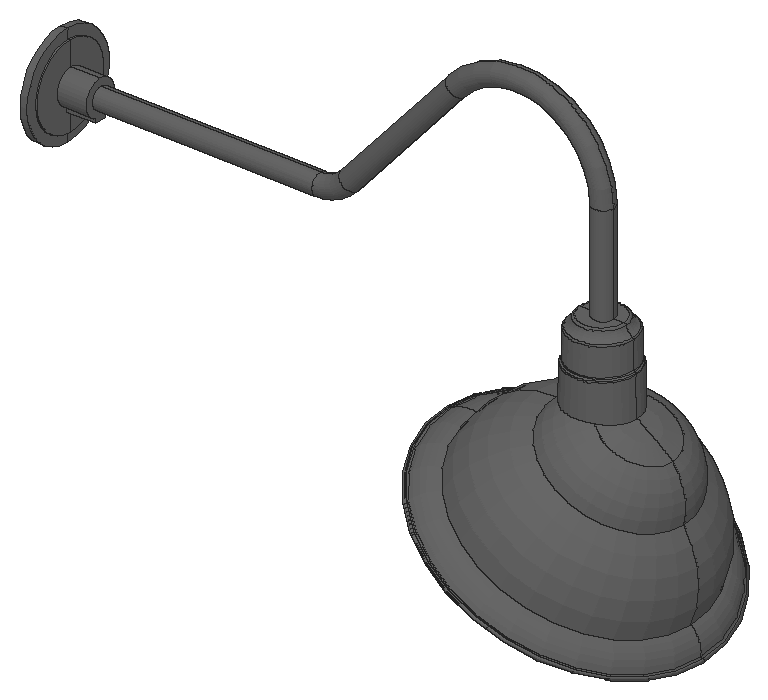
Revit family "Emblem_MB", category Lighting Fixtures, Revit 2020
Family settings
  Round Connector Dimension = Use Diameter
  Part Type = Normal
  OmniClass Number = 23.80.70.00
  OmniClass Title = Lighting
  Work Plane-Based = No
  Always vertical = Yes
  Cut with Voids When Loaded = No
  Light Source = Yes
  Shared = No
  Room Calculation Point = No
Parameters (values of type "M714")
  Weight = "1.5 lb"
  Wattage Comments = "200W"
  Wattage = 1.6 W
  Warranty = "5 year limited warranty"  # constant formula
  built-in parameter 1150110 = 1 (stored number, unit not read)
  Voltage = 277 V
  URL = "https://www.anplighting.com/assets/Uploads/product-attachments/specification-sheets/ANP-Specification-Sheet-RLM-MB-M714.pdf"
  built-in parameter 1114217 = 1 (stored number, unit not read)
  Tilt Angle = 90.00°
  built-in parameter 1150109 = 1 (stored number, unit not read)
  built-in parameter 1150134 = 12
  built-in parameter 1150113 = 1 (stored number, unit not read)
  Mounting Option [instance] = 2
  Power Factor = 1
  Post Mount [instance] = Mounting Option = 5  # no
  Placement X axis side [instance] = if(Post Mount, 2' 2 15/32", if(Cord or Stem Mount, 0' 0", if(E36 20 inch, 1' 8 1/4", if(E 6 26 inch, 2' 2", if(E7 41 inch, 3' 5 1/4", 0' 1")))))  # 2' - 2"
  Photometric Web File = "M714M016LDNW40K.ies"
  Model = "M714"
  Manufacturer = "ANP Lighting"  # constant formula
  M714 = yes
  M712 = no
  M710 = no
  M707 = no
  built-in parameter 1150105 = 159.15 (stored number, unit not read)
  Lumens = 2000 lm
  built-in parameter 1150115 = 1 (stored number, unit not read)
  Load Classification = Lighting
  Light Source Height [instance] = 0' - 0 1/2"  # constant formula
  built-in parameter 1150137 = (empty or 0)
  built-in parameter 1150139 = (empty or 0)
  Light Elevation_3 [instance] = 0' - 3"  # constant formula
  Light Elevation _2 [instance] = if(M707, 0' 8 157/256", if(M710, 0' 11 1/256", if(M712, 1' 0 45/256", if(M714, 1' 1 11/64", 0' 0"))))  # 1' - 1 11/64"
  Light Elevation _1 [instance] = if(Post Mount, 0' 0", if(E7 41 inch, 0' 0", if(E36 20 inch, 0' 1", if(E 6 26 inch, 0' 0.87402", if(Cord or Stem Mount, (0' 3.66142" + Cord Length), 0' 0")))))  # 0' - 0.87402"
  Light Elevation [instance] = if(Post Mount, 14' 0.5315", if(E7 41 inch, 0' 0", 0' 0"))  # 0' - 0"
  Life = "L70 50,000 hours"  # constant formula
  built-in parameter 1150112 = 1 (stored number, unit not read)
  built-in parameter 1150114 = 1 (stored number, unit not read)
  Lamp = "200w Max Medium Base"
  Inside body material = none
  built-in parameter 1150132 = 2
  built-in parameter 1150102 = (empty or 0)
  built-in parameter 1150107 = 4000 (stored number, unit not read)
  built-in parameter 1150138 = (empty or 0)
  built-in parameter 1150106 = 1.5915 (stored number, unit not read)
  Fixture Height = 0' - 9 7/8"
  Fixture Diameter = 1' - 2"
  Efficiency = "65-125 lumens per watt"  # constant formula
  built-in parameter 1150104 = 116.13 (stored number, unit not read)
  E7 41 inch [instance] = Mounting Option = 4  # no
  E36 20 inch [instance] = Mounting Option = 3  # no
  E 6 26 inch [instance] = Mounting Option = 2  # yes
  Dimming Lamp Color Temperature Shift = <None>
  Dimming = "1%"  # constant formula
  Description = "120-277 Voltage"  # constant formula
  Default Elevation = 0' - 0"
  Cord or Stem Mount [instance] = Mounting Option = 1  # no
  Cord Length option [instance] = 10
  Cord Length [instance] = if([2' Cord], 2' 0", if([4' Cord], 4' 0", if([8' Cord], 8' 0", if([10' Cord], 10' 0", if([6' Cord], 6' 0", 6' 0")))))  # 10' - 0"
  Construction Material = "Heavy Duty spun aluminum."  # constant formula
  Color Filter = 16777215
  CRI = ">90"  # constant formula
  Body Material = body
  Body Colour = "Spun aluminium"  # constant formula
  built-in parameter 1114218 = 1 (stored number, unit not read)
  built-in parameter 1150133 = 10 (stored number, unit not read)
  Apparent Load = 200 VA
  8' Cord [instance] = Cord Length option = 8  # no
  6' Cord [instance] = Cord Length option = 6  # no
  4' Cord [instance] = Cord Length option = 4  # no
  2' Cord [instance] = Cord Length option = 2  # no
  10' Cord [instance] = Cord Length option = 10  # yes
Types (5): name | Weight | Wattage Comments | Wattage | URL | Photometric Web File | Model | M714 | M712 | M710 | M707 | built-in parameter 1150105 | Lumens | Light Elevation _2 | Lamp | built-in parameter 1150106 | Fixture Height | Fixture Diameter | Apparent Load
  (no name) | "1.5 lb" | "200W" | 1.6 W | "https://www.anplighting.com/assets/Uploads/product-attachments/specification-sheets/ANP-Specification-Sheet-RLM-MB-M714.pdf" | "M714M016LDNW40K.ies" | "M714" | yes | no | no | no | 159.15 (stored number, unit not read) | 2000 lm | 1' - 1 11/64" | "200w Max Medium Base" | 1.5915 (stored number, unit not read) | 0' - 9 7/8" | 1' - 2" | 200 VA
  M707 | "1.0 lb" | "100W Max" | 0.68 W | "https://www.anplighting.com/assets/Uploads/product-attachments/specification-sheets/ANP-Specification-Sheet-RLM-MB-M707.pdf" | "M707M009LDNW40K.IES" | "M707" | no | no | no | yes | 67.641 (stored number, unit not read) | 850 lm | 0' - 8 157/256" | "100w Max Medium Base" | 0.67641 (stored number, unit not read) | 0' - 6" | 0' - 7" | 100 VA
  M710 | "1.0 lb" | "100W" | 1.6 W | "https://www.anplighting.com/assets/Uploads/product-attachments/specification-sheets/ANP-Specification-Sheet-RLM-MB-M710.pdf" | "M707M009LDNW40K.IES" | "M710" | no | no | yes | no | 159.15 (stored number, unit not read) | 2000 lm | 0' - 11 1/256" | "100w Max Medium Base" | 1.5915 (stored number, unit not read) | 0' - 7 7/8" | 0' - 10 1/8" | 100 VA
  M712 | "1.0 lb" | "200W" | 2.4 W | "https://www.anplighting.com/assets/Uploads/product-attachments/specification-sheets/ANP-Specification-Sheet-RLM-MB-M712.pdf" | "M707M009LDNW40K.IES" | "M712" | no | yes | no | no | 3000 (stored number, unit not read) | 3000 lm | 1' - 0 45/256" | "200w Max Medium Base" | 30 (stored number, unit not read) | 0' - 9 1/4" | 1' - 0" | 200 VA
  M714 | "1.5 lb" | "200W" | 1.6 W | "https://www.anplighting.com/assets/Uploads/product-attachments/specification-sheets/ANP-Specification-Sheet-RLM-MB-M714.pdf" | "M714M016LDNW40K.ies" | "M714" | yes | no | no | no | 159.15 (stored number, unit not read) | 2000 lm | 1' - 1 11/64" | "200w Max Medium Base" | 1.5915 (stored number, unit not read) | 0' - 9 7/8" | 1' - 2" | 200 VA
Reference planes (in)
  plane 1 "Light Source Axis (F/B)": y = 0
  plane 2: z = 0
  plane 3 "Light Source Axis (L/R)": x = 0
  plane 4 "Light Source Elevation": z = 0
  plane 5: z = 0
  plane 6: x = 26
  plane 7 "Bulb Position": z = -11.04589
  plane 8 "Canopy Position": z = -0.87402
  plane 9 "IES": z = -11.54589
  plane 10: z = -14.04589
Dimensions and locks (in)
  "Light Elevation": plane 5 to plane 2
  "Placement X axis side": plane 6 to plane 3 "Light Source Axis (L/R)"
  "Light Elevation _1": plane 5 to plane 8 "Canopy Position"
  "Light Source Height": plane 7 "Bulb Position" to plane 9 "IES"
  locked: plane 4 "Light Source Elevation" to plane 2
  "Light Elevation _2": plane 8 "Canopy Position" to plane 10
  "Light Elevation_3": plane 7 "Bulb Position" to plane 10
  aligned and locked: level to plane 2
  aligned and locked: plane 1 "Light Source Axis (F/B)" to nested 5
  aligned and locked: nested 5 to plane 2
  aligned and locked: nested 1 to plane 3 "Light Source Axis (L/R)"
  aligned and locked: plane 3 "Light Source Axis (L/R)" to nested 2
  aligned and locked: plane 3 "Light Source Axis (L/R)" to nested 4
  aligned and locked: nested 3 to plane 5
  aligned and locked: plane 3 "Light Source Axis (L/R)" to nested 3
  aligned and locked: plane 3 "Light Source Axis (L/R)" to nested 5
  aligned and locked: plane 1 "Light Source Axis (F/B)" to nested 2
  aligned and locked: plane 1 "Light Source Axis (F/B)" to nested 1
  aligned and locked: plane 1 "Light Source Axis (F/B)" to nested 4
  aligned and locked: plane 1 "Light Source Axis (F/B)" to nested 3
  aligned and locked: plane 2 to nested 1
  aligned and locked: plane 2 to nested 2
  aligned and locked: nested 4 to plane 2
  aligned and locked: imposter light to plane 9 "IES"
  aligned and locked: plane 6 to imposter light
  aligned and locked: nested 6 to plane 1 "Light Source Axis (F/B)"
  aligned and locked: nested 7 to plane 1 "Light Source Axis (F/B)"
  aligned and locked: nested 8 to plane 1 "Light Source Axis (F/B)"
  aligned and locked: nested 9 to plane 1 "Light Source Axis (F/B)"
  aligned and locked: nested 6 to plane 6
  aligned and locked: nested 7 to plane 6
  aligned and locked: nested 8 to plane 6
  aligned and locked: nested 9 to plane 6
  aligned and locked: plane 8 "Canopy Position" to nested 6
  aligned and locked: plane 8 "Canopy Position" to nested 9
  aligned and locked: plane 8 "Canopy Position" to nested 8
  aligned and locked: plane 8 "Canopy Position" to nested 7
Nested families (in)
  nested 1: "CORD OR STEM MOUNT" at (0, 0, -123.67), visible <- "Cord or Stem Mount", Cord or Stem Mount <- "Cord or Stem Mount", Body Material <- "Body Material", Light Elevation <- "Light Elevation", Cord Length <- "Cord Length", 10' Cord <- "10' Cord", 2' Cord <- "2' Cord", 4' Cord <- "4' Cord", 6' Cord <- "6' Cord", 8' Cord <- "8' Cord", type "CORD OR STEM MOUNT"
    with Light Elevation 0' - 0", Cord or Stem Mount no, Cord Length 10' - 0", Body Material body, 8' Cord no, 6' Cord no, 4' Cord no, 2' Cord no, 10' Cord yes
  nested 2: "E6 26 INCH" at (26, 0, 0), visible <- "E 6 26 inch", Chain Length <- "Cord Length", E 6 26 inch <- "E 6 26 inch", Placement X axis side <- "Placement X axis side", Body Material <- "Body Material", Light Elevation <- "Light Elevation", type "E6 26 INCH"
    with Placement X axis side 2' - 2", Light Elevation 0' - 0", E 6 26 inch yes, Chain Length 10' - 0", Body Material body
  nested 3: "E7 41 INCH" at (26, 0, 0), Chain Length <- "Cord Length", visible <- "E7 41 inch", E7 41 inch <- "E7 41 inch", Placement X axis side <- "Placement X axis side", Body Material <- "Body Material", Light Elevation <- "Light Elevation", type "E7 41 INCH"
    with Placement X axis side 2' - 2", Light Elevation 0' - 0", E7 41 inch no, Chain Length 10' - 0", Body Material body
  nested 4: "E36 20 INCH" at (26, 0, 0), visible <- "E36 20 inch", E36 20 inch <- "E36 20 inch", Placement X axis side <- "Placement X axis side", Chain Length <- "Cord Length", Body Material <- "Body Material", Light Elevation <- "Light Elevation", type "E36 20 INCH"
    with Placement X axis side 2' - 2", Light Elevation 0' - 0", E36 20 inch no, Chain Length 10' - 0", Body Material body
  nested 5: "POST MOUNT" at (26, 0, 0), visible <- "Post Mount", Post Mount <- "Post Mount", Placement X axis side <- "Placement X axis side", Chain Length <- "Cord Length", Body Material <- "Body Material", Light Elevation <- "Light Elevation", type "POST MOUNT"
    with Post Mount no, Placement X axis side 2' - 2", Light Elevation 0' - 0", Chain Length 10' - 0", Body Material body
  nested 6: "M707 LED" at (26, 0, -0.93652) x (-1, 0, 0) z (0, 0, 1), Body <- "Body Material", visible <- "M707", M707 <- "M707", Light Elevation <- "Light Elevation", type "M707 LED"
    with M707 no, Light Elevation 0' - 0", Body body
  nested 7: "M710 LED" at (26, 0, -0.87402) x (-1, 0, 0) z (0, 0, 1), Body <- "Body Material", M710 <- "M710", Light Elevation <- "Light Elevation", visible <- "M710", type "M710 LED"
    with M710 no, Light Elevation 0' - 0", Body body
  nested 8: "M712 LED " at (26, 0, -0.93652) x (-1, 0, 0) z (0, 0, 1), Body <- "Body Material", visible <- "M712", Light Elevation <- "Light Elevation", M712 <- "M712", type "M712 LED "
    with M712 no, Light Elevation 0' - 0", Body body
  nested 9: "M714" at (26, 0, -0.93652) x (-1, 0, 0) z (0, 0, 1), Body <- "Body Material", M714 <- "M714", Light Elevation <- "Light Elevation", visible <- "M714", type "M714"
    with M714 yes, Light Elevation 0' - 0", Body body
Definition of nested family "E6 26 INCH"
  Parameters (values of type "E6 26 INCH")
    URL = ""
    Placement X axis side [instance] = 2' - 2"
    Model = ""
    Manufacturer = ""
    Light Elevation [instance] = 8' - 4"
    E 6 26 inch [instance] = yes
    Default Elevation = 0' - 0"
    Chain Length [instance] = 0' - 0"
    Body Material [instance] = none
  Reference planes (in)
    plane 1 "Light Source Axis (F/B)": y = 0
    plane 2: z = 0
    plane 3 "Light Source Axis (L/R)": x = 0
    plane 4 "Light Source Elevation": z = 23.125
    plane 5: z = 100
    plane 6: x = -26
    plane 7: z = 99.125
    plane 8: x = -24.12
    plane 9: x = -25.5474
  Forms (in)
    Extrusion 1, void, not visible
      sketch origin (0, 0, 2.38154) x (1, 0, 0) y (0, 0, 1)
        loop
          circle (0, 4.59925) r 0.16583
      from 1.18594 to 1.75
    Extrusion 2, void, not visible
      sketch origin (0, 0, 2.38154) x (0.707107, -0.707107, 0) y (0, 0, 1)
        loop
          circle (0, 4.59925) r 0.16583
      from 1.18594 to 1.75
    Extrusion 3, void, not visible
      sketch origin (0, 0, 2.38154) x (0.707107, 0.707107, 0) y (0, 0, 1)
        loop
          circle (0, 4.59925) r 0.16583
      from 1.18594 to 1.75
    Extrusion 4, void, not visible
      sketch origin (0, 0, 2.38154) x (0, 1, 0) y (0, 0, 1)
        loop
          circle (0, 4.59925) r 0.16583
      from 1.18594 to 1.75
    Extrusion 5, void, not visible
      sketch origin (0, 0, 2.38154) x (-0.707107, 0.707107, 0) y (0, 0, 1)
        loop
          circle (0, 4.59925) r 0.16583
      from 1.18594 to 1.75
    Extrusion 6, void, not visible
      sketch origin (0, 0, 2.38154) x (-1, 0, 0) y (0, 0, 1)
        loop
          circle (0, 4.59925) r 0.20678
      from 1.18594 to 1.75
    Extrusion 7, void, not visible
      sketch origin (0, 0, 2.38154) x (-0.707107, -0.707107, 0) y (0, 0, 1)
        loop
          circle (0, 4.59925) r 0.16583
      from 1.18594 to 1.75
    Extrusion 8, void, not visible
      sketch origin (0, 0, 2.38154) x (0, -1, 0) y (0, 0, 1)
        loop
          circle (0, 4.59925) r 0.16583
      from 1.18594 to 1.75
    Sweep 9, solid, material <- "Body Material", visible <- "E 6 26 inch"
      path origin (-41.25, 0, 168.51693) x (1, 0, 0) y (0, 0, 1)
        loop
          line (17.13, -68.51693) -> (27.68551, -68.51693)
          arc (27.68551, -68.51693) -> (28.47996, -68.34486) -> (29.13202, -67.8595) r 1.92004
          line (29.13202, -67.8595) -> (34.23651, -62.01155)
          arc (34.23651, -62.01155) -> (38.65464, -60.89667) -> (41.25, -64.64193) r 4
          line (41.25, -64.64193) -> (41.25, -69.39193)
      profile origin (-18.84224, 0, 100) x (0, 0, 1) y (0, -1, 0)
        loop
          circle (0, 0) r 0.5
    Revolve 10, solid, material <- "Body Material", visible <- "E 6 26 inch"
      sketch origin (-26, 0, 168.51693) x (1, 0, 0) y (0, 0, 1)
        loop
          line (0, -66.07943) -> (0, -68.51693) -> (1.88, -68.51693) -> (1.88, -67.69272) -> (0.4526, -67.69272) -> (0.4526, -66.54122) -> (0.33125, -66.54122) -> (0.33125, -66.07943) -> (0, -66.07943)
        axis (0, -68.51693) -> (1.88, -68.51693)
      angle from 0 to 360
    Extrusion 11, solid, material <- "Body Material", visible <- "E 6 26 inch"
      sketch origin (-26, 0, 168.51693) x (0, -1, 0) y (0, 0, -1)
        loop
          line (0.25, 68.51693) -> (0.25, 69.51693) -> (-0.25, 69.51693) -> (-0.25, 68.51693) -> (0.25, 68.51693)
      from 0.4526 to 1.88
  Cuts and joins
    joined: Revolve 10, Extrusion 11
  Dimensions and locks (in)
    "Light Elevation": plane 5 to plane 2
    "Placement X axis side": plane 3 "Light Source Axis (L/R)" to plane 6
    locked: plane 5 to plane 7 at 0.875
    Revolve 10 sketch curve to Revolve 10 sketch curve to Revolve 10 sketch curve to plane 6 = 0' - 1.4274" locked, 0' - 0.12135" locked, 0' - 0.33125" locked
    Revolve 10 sketch curve to Revolve 10 sketch curve to Revolve 10 sketch curve to plane 5 = 0' - 0.46179" locked, 0' - 1.1515" locked, 0' - 0 211/256" locked
    locked: Sweep 9 sketch curve to plane 6 at 1.88
    locked: Sweep 9 sketch curve to Sweep 9 sketch curve at 10.55551
    locked: Sweep 9 sketch curve to Sweep 9 sketch curve at 13.56449
    locked: Sweep 9 sketch curve to Sweep 9 sketch curve at 4.75
    locked: plane 9 to plane 6 at 0.4526
    locked: plane 8 to plane 9 at 1.4274
    aligned and locked: level to plane 2
    aligned and locked: Revolve 10 sketch curve to plane 6
    aligned and locked: plane 5 to Revolve 10 sketch curve
    aligned and locked: Revolve 10 sketch curve to plane 5
    aligned and locked: cut or joined group of Revolve 10, Extrusion 11 to plane 9
    aligned and locked: plane 8 to cut or joined group of Revolve 10, Extrusion 11
  Automatic sketch dimensions
    Sweep 9 sketch curve to plane 5 = 0' - 0"
    Sweep 9 sketch curve to Sweep 9 sketch curve = 0' - 4"
    Sweep 9 sketch curve to Sweep 9 sketch curve = 0' - 3.01349"
    plane 5 to Sweep 9 sketch curve = 0' - 0.65743"
    Sweep 9 sketch curve to Sweep 9 sketch curve = 0' - 1.4465"
    Sweep 9 sketch curve to plane 5 = 0' - 0 7/8"
    profile plane to Sweep 9 sketch curve = 0' - 0"
    Sweep 9 sketch curve to profile plane = 0' - 0"
    plane 6 to Revolve 10 sketch curve = 0' - 0.62562"
    Revolve 10 sketch curve to Revolve 10 sketch curve = 0' - 0 1/2"
    Extrusion 11 sketch curve to plane 5 = 0' - 0"
    plane 1 "Light Source Axis (F/B)" to Extrusion 11 sketch curve = 0' - 0 1/4"
    Extrusion 11 sketch curve to plane 1 "Light Source Axis (F/B)" = 0' - 0 1/4"
    plane 5 to Extrusion 11 sketch curve = 0' - 1"
    radius of Sweep 9 sketch curve = 0' - 0 1/2"
Definition of nested family "M714"
  Parameters (values of type "M714")
    M714 [instance] = yes
    Light Elevation [instance] = 4' - 0"
    Default Elevation = 0' - 0"
    Body [instance] = none
  Reference planes (in)
    plane 1 "Center (Front/Back)": y = 0
    plane 2: z = 0
    plane 3 "Center (Left/Right)": x = 0
    plane 4: z = 48
  Dimensions and locks (in)
    "Light Elevation": plane 4 to plane 2
    aligned and locked: plane 2 to level
    aligned and locked: plane 3 "Center (Left/Right)" to nested 1
    aligned and locked: plane 1 "Center (Front/Back)" to nested 1
    aligned and locked: nested 1 to plane 4
  Nested families (in)
    nested 1: "M714 (1)" at (0, 0, 34.83814), Body <- "Body", visible <- "M714", M714 <- "M714", type "M714 (1)"
      with M714 yes, Body none
  Definition of nested family "M714 (1)"
    Parameters (values of type "M714 (1)")
      M714 [instance] = yes
      Default Elevation = 0' - 0"
      Body [instance] = none
    Reference planes (in)
      plane 1 "Center (Front/Back)": y = 0
      plane 2: z = 0
      plane 3 "Center (Left/Right)": x = 0
      plane 4: through (3.44487, -180, 4.41539) normal (-0.4772, 0, 0.8788)
      plane 5: through (-2.06295, -180, 12.66158) normal (-0.4772, 0, 0.8788)
    Forms (in)
      Revolve 1, solid, material <- "Body", visible <- "M714"
        sketch origin (-36.375, 0, -13.125) x (1, 0, 0) y (0, 0, 1)
          loop
            arc (33.06145, 21.1922) -> (32.48018, 20.01147) -> (32.51928, 18.69599) r 2.72826
            arc (32.51928, 18.69599) -> (31.79891, 16.6548) -> (32.16604, 14.52157) r 4.29306
            arc (32.16604, 14.52157) -> (31.78844, 13.96335) -> (31.68086, 13.29804) r 1.56358
            arc (31.68086, 13.29804) -> (31.66957, 13.22526) -> (31.62947, 13.16346) r 0.17599
            arc (31.62947, 13.16346) -> (31.60829, 13.16974) -> (31.61456, 13.19093) r 0.01563
            line (31.61456, 13.19093) -> (31.58474, 13.24585)
            arc (31.58474, 13.24585) -> (31.55637, 13.13484) -> (31.66922, 13.11494) r 0.07813
            arc (31.66922, 13.11494) -> (31.72684, 13.2001) -> (31.74326, 13.3016) r 0.23849
            arc (31.74326, 13.3016) -> (31.85489, 13.96094) -> (32.24181, 14.50637) r 1.50108
            arc (32.24181, 14.50637) -> (31.86052, 16.64153) -> (32.58743, 18.68504) r 4.23056
            arc (32.58743, 18.68504) -> (32.53815, 19.98372) -> (33.10877, 21.15137) r 2.66576
            arc (33.10877, 21.15137) -> (33.77863, 21.78517) -> (34.55136, 22.28846) r 5.11772
            line (34.55136, 22.28846) -> (34.52154, 22.34339)
            arc (34.52154, 22.34339) -> (33.73942, 21.83384) -> (33.06145, 21.1922) r 5.18022
          axis (34.52154, 22.34339) -> (37.74193, 16.41216)
        angle from 0 to 360
      Revolve 2, solid, material <- "Body", visible <- "M714"
        sketch origin (-36.375, 0, -13.17187) x (1, 0, 0) y (0, 0, 1)
          loop
            arc (35.37706, 26.39623) -> (35.32144, 26.37699) -> (35.2896, 26.3275) r 0.09
            arc (35.2896, 26.3275) -> (35.17286, 26.08776) -> (34.96695, 25.91833) r 0.62612
            arc (34.96695, 25.91833) -> (34.93161, 25.88581) -> (34.91803, 25.83975) r 0.09
            line (34.91803, 25.83975) -> (34.89654, 24.5504)
            arc (34.89654, 24.5504) -> (34.89169, 24.52273) -> (34.87855, 24.4979) r 0.09
            line (34.87855, 24.4979) -> (34.81981, 24.41957)
            arc (34.81981, 24.41957) -> (34.80666, 24.39474) -> (34.80182, 24.36707) r 0.09
            line (34.80182, 24.36707) -> (34.77365, 22.45147) -> (34.83616, 22.45147) -> (34.86444, 24.37491) -> (34.95821, 24.49994) -> (34.9808, 25.85542)
            arc (34.9808, 25.85542) -> (35.22353, 26.05108) -> (35.35509, 26.33373) r 0.68862
            line (35.35509, 26.33373) -> (36.1773, 26.33373) -> (36.1773, 26.39623) -> (35.37706, 26.39623)
          axis (36.4273, 26.39623) -> (36.4273, 22.45147)
        angle from 0 to 360
      Revolve 3, void
        sketch origin (-36.375, 0, -13.125) x (1, 0, 0) y (0, 0, 1)
          loop
            line (34.83535, 22.39623) -> (36.4273, 22.39623) -> (36.4273, 23.01246) -> (34.84362, 23.01246) -> (34.83535, 22.39623)
          axis (36.4273, 23.01246) -> (36.4273, 22.39623)
        angle from 0 to 360
    Cuts and joins
      Revolve 3 cuts Revolve 1
    Dimensions and locks (in)
      locked: plane 5 to plane 4 at 9.875
      locked: Revolve 1 sketch curve to Revolve 1 sketch curve at 7
      aligned and locked: plane 2 to level
Definition of nested family "CORD OR STEM MOUNT"
  Parameters (values of type "CORD OR STEM MOUNT")
    URL = ""
    Model = ""
    Manufacturer = ""
    Light Elevation [instance] = 1' - 7.69"
    Default Elevation = 0' - 0"
    Cord or Stem Mount [instance] = yes
    Cord Length [instance] = 6' - 0"
    Body Material [instance] = none
    8' Cord [instance] = no
    6' Cord [instance] = no
    4' Cord [instance] = no
    2' Cord [instance] = no
    10' Cord [instance] = no
  Reference planes (in)
    plane 1 "Light Source Axis (F/B)": y = 0
    plane 2: z = 0
    plane 3 "Light Source Axis (L/R)": x = 0
    plane 4 "Light Source Elevation": z = 23.125
    plane 5: z = 91.69
    plane 6: z = 19.69
  Forms (in)
    Extrusion 1, void, not visible
      sketch origin (0, 0, 2.38154) x (1, 0, 0) y (0, 0, 1)
        loop
          circle (0, 4.59925) r 0.16583
      from 1.18594 to 1.75
    Extrusion 2, void, not visible
      sketch origin (0, 0, 2.38154) x (0.707107, -0.707107, 0) y (0, 0, 1)
        loop
          circle (0, 4.59925) r 0.16583
      from 1.18594 to 1.75
    Extrusion 3, void, not visible
      sketch origin (0, 0, 2.38154) x (0.707107, 0.707107, 0) y (0, 0, 1)
        loop
          circle (0, 4.59925) r 0.16583
      from 1.18594 to 1.75
    Extrusion 4, void, not visible
      sketch origin (0, 0, 2.38154) x (0, 1, 0) y (0, 0, 1)
        loop
          circle (0, 4.59925) r 0.16583
      from 1.18594 to 1.75
    Extrusion 5, void, not visible
      sketch origin (0, 0, 2.38154) x (-0.707107, 0.707107, 0) y (0, 0, 1)
        loop
          circle (0, 4.59925) r 0.16583
      from 1.18594 to 1.75
    Extrusion 6, void, not visible
      sketch origin (0, 0, 2.38154) x (-1, 0, 0) y (0, 0, 1)
        loop
          circle (0, 4.59925) r 0.20678
      from 1.18594 to 1.75
    Extrusion 7, void, not visible
      sketch origin (0, 0, 2.38154) x (-0.707107, -0.707107, 0) y (0, 0, 1)
        loop
          circle (0, 4.59925) r 0.16583
      from 1.18594 to 1.75
    Extrusion 8, void, not visible
      sketch origin (0, 0, 2.38154) x (0, -1, 0) y (0, 0, 1)
        loop
          circle (0, 4.59925) r 0.16583
      from 1.18594 to 1.75
    Revolve 9, solid, material <- "Body Material", visible <- "Cord or Stem Mount"
      sketch origin (0, 0, 174.56698) x (1, 0, 0) y (0, 0, 1)
        loop
          line (2.6875, -79.20698) -> (0, -79.20698) -> (0, -82.87698) -> (0.125, -82.87698) -> (0.125, -82.83698) -> (0.75, -82.83698)
          arc (0.75, -82.83698) -> (0.81694, -82.77004) -> (0.75, -82.7031) r 0.06694
          line (0.75, -82.7031) -> (0.89763, -82.7031) -> (1.00223, -82.5985) -> (1.06587, -82.5985)
          arc (1.06587, -82.5985) -> (1.80099, -82.29401) -> (2.10549, -81.55888) r 1.03962
          line (2.10549, -81.55888) -> (2.10549, -81.03899)
          arc (2.10549, -81.03899) -> (2.12951, -80.981) -> (2.1875, -80.95698) r 0.08201
          line (2.1875, -80.95698) -> (2.1875, -80.70698) -> (2.6875, -80.70698) -> (2.6875, -79.20698)
        axis (0, -79.20698) -> (0, -82.87698)
      angle from 0 to 360
    Revolve 10, solid, material <- "Body Material", visible <- "Cord or Stem Mount"
      sketch origin (0, 0, 0) x (1, 0, 0) y (0, 0, 1)
        loop
          line (0, 91.69) -> (-0.125, 91.69) -> (-0.125, 19.69) -> (0, 19.69) -> (0, 91.69)
        axis (0, 19.69) -> (0, 91.69)
      angle from 0 to 360
  Dimensions and locks (in)
    "Light Elevation": plane 6 to plane 2
    "Cord Length": plane 5 to plane 6
    locked: Revolve 10 sketch curve to Revolve 10 sketch curve at 0.125
    aligned and locked: level to plane 2
    aligned and locked: Revolve 10 sketch curve to plane 3 "Light Source Axis (L/R)"
    aligned and locked: Revolve 10 sketch curve to plane 6
    aligned and locked: Revolve 10 sketch curve to plane 5
    aligned and locked: plane 3 "Light Source Axis (L/R)" to Revolve 10 sketch curve
  Automatic sketch dimensions
    Revolve 9 sketch curve to plane 3 "Light Source Axis (L/R)" = 0' - 0"  (x2)
    Revolve 9 sketch curve to plane 5 = 0' - 0"
    plane 3 "Light Source Axis (L/R)" to Revolve 9 sketch curve = 0' - 0 1/8"
    Revolve 9 sketch curve to plane 5 = 0' - 0.17388"
    Revolve 9 sketch curve to Revolve 9 sketch curve = 0' - 0 5/8"
    Revolve 9 sketch curve to Revolve 9 sketch curve = 0' - 0.14763"
    Revolve 9 sketch curve to plane 5 = 0' - 0.27847"
    Revolve 9 sketch curve to Revolve 9 sketch curve = 0' - 0.1046"
    Revolve 9 sketch curve to Revolve 9 sketch curve = 0' - 0.06364"
    Revolve 9 sketch curve to Revolve 9 sketch curve = 0' - 1.03962"
    Revolve 9 sketch curve to Revolve 9 sketch curve = 0' - 0 21/256"
    Revolve 9 sketch curve to Revolve 9 sketch curve = 0' - 0 1/2"  (x2)
    Revolve 9 sketch curve to Revolve 9 sketch curve = 0' - 0.51989"
    Revolve 9 sketch curve to Revolve 9 sketch curve = 0' - 0 1/4"
    Revolve 9 sketch curve to Revolve 9 sketch curve = 0' - 2.3519"
    Revolve 9 sketch curve to Revolve 9 sketch curve = 0' - 1 1/4"
    Revolve 9 sketch curve to Revolve 9 sketch curve = 0' - 0.04"
    Revolve 10 sketch curve to Revolve 10 sketch curve = 0' - 0 1/2"
    Revolve 10 sketch curve to Revolve 10 sketch curve = 0' - 0.42345"
Definition of nested family "E7 41 INCH"
  Parameters (values of type "E7 41 INCH")
    URL = ""
    Placement X axis side [instance] = 4' - 2"
    Model = ""
    Manufacturer = ""
    Light Elevation [instance] = 8' - 4"
    E7 41 inch [instance] = yes
    Default Elevation = 0' - 0"
    Chain Length [instance] = 0' - 0"
    Body Material [instance] = none
  Reference planes (in)
    plane 1 "Light Source Axis (F/B)": y = 0
    plane 2: z = 0
    plane 3 "Light Source Axis (L/R)": x = 0
    plane 4 "Light Source Elevation": z = 23.125
    plane 5: z = 100
    plane 6: x = -50
  Forms (in)
    Extrusion 1, void, not visible
      sketch origin (0, 0, 2.38154) x (1, 0, 0) y (0, 0, 1)
        loop
          circle (0, 4.59925) r 0.16583
      from 1.18594 to 1.75
    Extrusion 2, void, not visible
      sketch origin (0, 0, 2.38154) x (0.707107, -0.707107, 0) y (0, 0, 1)
        loop
          circle (0, 4.59925) r 0.16583
      from 1.18594 to 1.75
    Extrusion 3, void, not visible
      sketch origin (0, 0, 2.38154) x (0.707107, 0.707107, 0) y (0, 0, 1)
        loop
          circle (0, 4.59925) r 0.16583
      from 1.18594 to 1.75
    Extrusion 4, void, not visible
      sketch origin (0, 0, 2.38154) x (0, 1, 0) y (0, 0, 1)
        loop
          circle (0, 4.59925) r 0.16583
      from 1.18594 to 1.75
    Extrusion 5, void, not visible
      sketch origin (0, 0, 2.38154) x (-0.707107, 0.707107, 0) y (0, 0, 1)
        loop
          circle (0, 4.59925) r 0.16583
      from 1.18594 to 1.75
    Extrusion 6, void, not visible
      sketch origin (0, 0, 2.38154) x (-1, 0, 0) y (0, 0, 1)
        loop
          circle (0, 4.59925) r 0.20678
      from 1.18594 to 1.75
    Extrusion 7, void, not visible
      sketch origin (0, 0, 2.38154) x (-0.707107, -0.707107, 0) y (0, 0, 1)
        loop
          circle (0, 4.59925) r 0.16583
      from 1.18594 to 1.75
    Extrusion 8, void, not visible
      sketch origin (0, 0, 2.38154) x (0, -1, 0) y (0, 0, 1)
        loop
          circle (0, 4.59925) r 0.16583
      from 1.18594 to 1.75
    Revolve 9, solid, material <- "Body Material", visible <- "E7 41 inch"
      sketch origin (-41.25, 0, 168.39193) x (1, 0, 0) y (0, 0, 1)
        loop
          line (-8.75, -66.20443) -> (-8.75, -68.51693) -> (-6.87, -68.51693) -> (-6.87, -67.69272) -> (-8.2974, -67.69272) -> (-8.2974, -66.54122) -> (-8.41875, -66.54122) -> (-8.41875, -66.20443) -> (-8.75, -66.20443)
        axis (-8.75, -68.51693) -> (-6.87, -68.51693)
      angle from 0 to 360
    Extrusion 10, solid, material <- "Body Material", visible <- "E7 41 inch"
      sketch origin (-41.25, 0, 168.39193) x (0, -1, 0) y (0, 0, -1)
        loop
          line (0.25, 68.51693) -> (0.25, 69.51693) -> (-0.25, 69.51693) -> (-0.25, 68.51693) -> (0.25, 68.51693)
      from -8.2974 to -6.87
    Sweep 11, solid, material <- "Body Material", visible <- "E7 41 inch"
      path origin (-41.25, 0, 168.39193) x (1, 0, 0) y (0, 0, 1)
        loop
          line (-6.87, -68.51693) -> (16.04011, -68.51693)
          arc (16.04011, -68.51693) -> (17.864, -68.13651) -> (19.38375, -67.0587) r 4.5625
          line (19.38375, -67.0587) -> (24.70217, -61.33018)
          arc (24.70217, -61.33018) -> (29.64465, -60.20324) -> (32.5, -64.39193) r 4.5
          line (32.5, -64.39193) -> (32.5, -68.39193)
      profile origin (-36.66494, 0, 99.875) x (0, 0, 1) y (0, -1, 0)
        loop
          circle (0, 0) r 0.5
  Dimensions and locks (in)
    "Placement X axis side": plane 3 "Light Source Axis (L/R)" to plane 6
    "Light Elevation": plane 5 to plane 2
    locked: Revolve 9 sketch curve to Revolve 9 sketch curve at 0.33125
    locked: Revolve 9 sketch curve to Revolve 9 sketch curve at 0.4526
    locked: Revolve 9 sketch curve to Revolve 9 sketch curve at 1.88
    locked: Revolve 9 sketch curve to Revolve 9 sketch curve at 0.82421
    locked: Revolve 9 sketch curve to Revolve 9 sketch curve at 1.1515
    locked: Revolve 9 sketch curve to Revolve 9 sketch curve at 0.33679
    locked: plane 5 to Revolve 9 sketch curve at 0.125
    locked: Extrusion 10 sketch curve to Extrusion 10 sketch curve at 0.5
    locked: Extrusion 10 sketch curve to Extrusion 10 sketch curve at 1
    locked: plane 5 to Extrusion 10 sketch curve at 0.125
    locked: plane 5 to Sweep 11 sketch curve at 0.125
    locked: Sweep 11 sketch curve to Sweep 11 sketch curve at 39.37
    locked: Sweep 11 sketch curve to Sweep 11 sketch curve at 4
    locked: plane 6 to Extrusion 10 at 0.4526
    locked: Sweep 11 sketch curve to plane 6 at 1.88
    locked: Extrusion 10 to Extrusion 10 at 1.4274
    aligned and locked: plane 2 to level
    aligned and locked: Revolve 9 sketch curve to plane 6
  Automatic sketch dimensions
    Revolve 9 sketch curve to plane 5 = 0' - 0 1/8"
    plane 6 to Revolve 9 sketch curve = 0' - 0.62562"
    Revolve 9 sketch curve to Revolve 9 sketch curve = 0' - 0 1/2"
    plane 1 "Light Source Axis (F/B)" to Extrusion 10 sketch curve = 0' - 0 1/4"
    Sweep 11 sketch curve to plane 5 = 0' - 0"
    Sweep 11 sketch curve to Sweep 11 sketch curve = 0' - 4 1/2"
    Sweep 11 sketch curve to Sweep 11 sketch curve = 0' - 3.29783"
    plane 5 to Sweep 11 sketch curve = 0' - 1.33323"
    Sweep 11 sketch curve to Sweep 11 sketch curve = 0' - 5.31842"
    Sweep 11 sketch curve to Sweep 11 sketch curve = 0' - 3.34364"
    profile plane to Sweep 11 sketch curve = 0' - 0"
    Sweep 11 sketch curve to profile plane = 0' - 0"
    radius of Sweep 11 sketch curve = 0' - 0 1/2"
Definition of nested family "E36 20 INCH"
  Parameters (values of type "E36 20 INCH")
    URL = ""
    Placement X axis side [instance] = 1' - 8 1/4"
    Model = ""
    Manufacturer = ""
    Light Elevation [instance] = 8' - 4"
    E36 20 inch [instance] = yes
    Default Elevation = 0' - 0"
    Chain Length [instance] = 0' - 0"
    Body Material [instance] = none
  Reference planes (in)
    plane 1 "Light Source Axis (F/B)": y = 0
    plane 2: z = 0
    plane 3 "Light Source Axis (L/R)": x = 0
    plane 4 "Light Source Elevation": z = 23.125
    plane 5: z = 99
    plane 6: x = -20.25
    plane 7: z = 100
    plane 8: x = -18.37008
    plane 9: x = -19.79724
  Forms (in)
    Extrusion 1, void, not visible
      sketch origin (0, 0, 2.38154) x (1, 0, 0) y (0, 0, 1)
        loop
          circle (0, 4.59925) r 0.16583
      from 1.18594 to 1.75
    Extrusion 2, void, not visible
      sketch origin (0, 0, 2.38154) x (0.707107, -0.707107, 0) y (0, 0, 1)
        loop
          circle (0, 4.59925) r 0.16583
      from 1.18594 to 1.75
    Extrusion 3, void, not visible
      sketch origin (0, 0, 2.38154) x (0.707107, 0.707107, 0) y (0, 0, 1)
        loop
          circle (0, 4.59925) r 0.16583
      from 1.18594 to 1.75
    Extrusion 4, void, not visible
      sketch origin (0, 0, 2.38154) x (0, 1, 0) y (0, 0, 1)
        loop
          circle (0, 4.59925) r 0.16583
      from 1.18594 to 1.75
    Extrusion 5, void, not visible
      sketch origin (0, 0, 2.38154) x (-0.707107, 0.707107, 0) y (0, 0, 1)
        loop
          circle (0, 4.59925) r 0.16583
      from 1.18594 to 1.75
    Extrusion 6, void, not visible
      sketch origin (0, 0, 2.38154) x (-1, 0, 0) y (0, 0, 1)
        loop
          circle (0, 4.59925) r 0.20678
      from 1.18594 to 1.75
    Extrusion 7, void, not visible
      sketch origin (0, 0, 2.38154) x (-0.707107, -0.707107, 0) y (0, 0, 1)
        loop
          circle (0, 4.59925) r 0.16583
      from 1.18594 to 1.75
    Extrusion 8, void, not visible
      sketch origin (0, 0, 2.38154) x (0, -1, 0) y (0, 0, 1)
        loop
          circle (0, 4.59925) r 0.16583
      from 1.18594 to 1.75
    Sweep 9, solid, material <- "Body Material", visible <- "E36 20 inch"
      path origin (-41.25, 0, 169.51693) x (1, 0, 0) y (0, 0, 1)
        loop
          line (22.88, -69.51693) -> (28.93827, -69.51693)
          arc (28.93827, -69.51693) -> (29.97705, -69.28152) -> (30.81284, -68.62128) r 2.40953
          line (30.81284, -68.62128) -> (34.13807, -64.50378)
          arc (34.13807, -64.50378) -> (38.58272, -63.24548) -> (41.25, -67.01693) r 4
          line (41.25, -67.01693) -> (41.25, -70.51693)
      profile origin (-15.34086, 0, 100) x (0, 0, 1) y (0, -1, 0)
        loop
          circle (0, 0) r 0.5
    Revolve 10, solid, material <- "Body Material", visible <- "E36 20 inch"
      sketch origin (-20.25, 0, 169.51693) x (1, 0, 0) y (0, 0, 1)
        loop
          line (0, -67.20443) -> (0, -69.51693) -> (1.88, -69.51693) -> (1.88, -68.69272) -> (0.4526, -68.69272) -> (0.4526, -67.54122) -> (0.33125, -67.54122) -> (0.33125, -67.20443) -> (0, -67.20443)
        axis (0, -69.51693) -> (1.88, -69.51693)
      angle from 0 to 360
    Extrusion 11, solid, material <- "Body Material", visible <- "E36 20 inch"
      sketch origin (-20.25, 0, 169.51693) x (0, -1, 0) y (0, 0, -1)
        loop
          line (0.25, 69.51693) -> (0.25, 70.51693) -> (-0.25, 70.51693) -> (-0.25, 69.51693) -> (0.25, 69.51693)
      from 1.87992 to 0.45276
  Cuts and joins
    joined: Revolve 10, Extrusion 11
  Dimensions and locks (in)
    "Light Elevation": plane 7 to plane 2
    "Placement X axis side": plane 3 "Light Source Axis (L/R)" to plane 6
    locked: plane 7 to plane 5 at 1
    Revolve 10 sketch curve to Revolve 10 sketch curve to Revolve 10 sketch curve to plane 7 = 0' - 0.33679" locked, 0' - 1.1515" locked, 0' - 0 211/256" locked
    locked: Sweep 9 sketch curve to plane 6 at 1.88
    locked: Sweep 9 sketch curve to Sweep 9 sketch curve at 6.05827
    locked: Sweep 9 sketch curve to Sweep 9 sketch curve at 12.31173
    locked: Sweep 9 sketch curve to Sweep 9 sketch curve at 3.5
    Revolve 10 sketch curve to Revolve 10 sketch curve to Revolve 10 sketch curve to plane 6 = 0' - 1.4274" locked, 0' - 0.12135" locked, 0' - 0.33125" locked
    locked: plane 9 to plane 6 at 0.45276
    locked: plane 8 to plane 9 at 1.42717
    aligned and locked: level to plane 2
    aligned and locked: plane 7 to Revolve 10 sketch curve
    aligned and locked: Revolve 10 sketch curve to plane 7
    aligned and locked: Revolve 10 sketch curve to plane 6
    aligned and locked: cut or joined group of Revolve 10, Extrusion 11 to plane 9
    aligned and locked: plane 8 to cut or joined group of Revolve 10, Extrusion 11
  Automatic sketch dimensions
    Sweep 9 sketch curve to plane 7 = 0' - 0"
    Sweep 9 sketch curve to plane 5 = 0' - 0"
    Sweep 9 sketch curve to Sweep 9 sketch curve = 0' - 4"
    Sweep 9 sketch curve to plane 7 = 0' - 0.89565"
    Sweep 9 sketch curve to Sweep 9 sketch curve = 0' - 3.32523"
    Sweep 9 sketch curve to Sweep 9 sketch curve = 0' - 1.87457"
    profile plane to Sweep 9 sketch curve = 0' - 0"
    Sweep 9 sketch curve to profile plane = 0' - 0"
    plane 6 to Revolve 10 sketch curve = 0' - 0.62562"
    Revolve 10 sketch curve to Revolve 10 sketch curve = 0' - 0 1/2"
    plane 7 to Extrusion 11 sketch curve = 0' - 0"
    Extrusion 11 sketch curve to plane 5 = 0' - 0"
    plane 1 "Light Source Axis (F/B)" to Extrusion 11 sketch curve = 0' - 0 1/4"
    Extrusion 11 sketch curve to plane 1 "Light Source Axis (F/B)" = 0' - 0 1/4"
    radius of Sweep 9 sketch curve = 0' - 0 1/2"
Definition of nested family "POST MOUNT"
  Parameters (values of type "POST MOUNT")
    URL = ""
    Post Mount [instance] = yes
    Placement X axis side [instance] = 2' - 2 1/2"
    Model = ""
    Manufacturer = ""
    Light Elevation [instance] = 14' - 0.5168"
    Default Elevation = 0' - 0"
    Chain Length [instance] = 0' - 0"
    Body Material [instance] = none
  Reference planes (in)
    plane 1 "Light Source Axis (F/B)": y = 0
    plane 2: z = 0
    plane 3 "Light Source Axis (L/R)": x = 0
    plane 4 "Light Source Elevation": z = 23.125
    plane 5: x = -26.5
    plane 6: z = 168.5168
  Forms (in)
    Extrusion 1, void, not visible
      sketch origin (0, 0, 2.38154) x (1, 0, 0) y (0, 0, 1)
        loop
          circle (0, 4.59925) r 0.16583
      from 1.18594 to 1.75
    Extrusion 2, void, not visible
      sketch origin (0, 0, 2.38154) x (0.707107, -0.707107, 0) y (0, 0, 1)
        loop
          circle (0, 4.59925) r 0.16583
      from 1.18594 to 1.75
    Extrusion 3, void, not visible
      sketch origin (0, 0, 2.38154) x (0.707107, 0.707107, 0) y (0, 0, 1)
        loop
          circle (0, 4.59925) r 0.16583
      from 1.18594 to 1.75
    Extrusion 4, void, not visible
      sketch origin (0, 0, 2.38154) x (0, 1, 0) y (0, 0, 1)
        loop
          circle (0, 4.59925) r 0.16583
      from 1.18594 to 1.75
    Extrusion 5, void, not visible
      sketch origin (0, 0, 2.38154) x (-0.707107, 0.707107, 0) y (0, 0, 1)
        loop
          circle (0, 4.59925) r 0.16583
      from 1.18594 to 1.75
    Extrusion 6, void, not visible
      sketch origin (0, 0, 2.38154) x (-1, 0, 0) y (0, 0, 1)
        loop
          circle (0, 4.59925) r 0.20678
      from 1.18594 to 1.75
    Extrusion 7, void, not visible
      sketch origin (0, 0, 2.38154) x (-0.707107, -0.707107, 0) y (0, 0, 1)
        loop
          circle (0, 4.59925) r 0.16583
      from 1.18594 to 1.75
    Extrusion 8, void, not visible
      sketch origin (0, 0, 2.38154) x (0, -1, 0) y (0, 0, 1)
        loop
          circle (0, 4.59925) r 0.16583
      from 1.18594 to 1.75
    Revolve 9, solid, material <- "Body Material", visible <- "Post Mount"
      sketch origin (-7.90508, 0, 0) x (1, 0, 0) y (0, 0, 1)
        loop
          line (-18.59492, 3.92912) -> (-16.29831, 3.92912) -> (-16.29831, 4.2668) -> (-16.91413, 4.2668) -> (-16.91413, 134.5168) -> (-17.16413, 134.5168) -> (-17.16413, 137.3918) -> (-17.05979, 137.3918)
          arc (-17.05979, 137.3918) -> (-16.93479, 137.5168) -> (-17.05979, 137.6418) r 0.125
          line (-17.05979, 137.6418) -> (-17.48032, 137.6418) -> (-17.48032, 139.0793) -> (-17.73032, 139.0793) -> (-17.73032, 139.5793) -> (-18.59492, 139.5793) -> (-18.59492, 3.92912)
        axis (-18.59492, 139.5793) -> (-18.59492, 3.92912)
      angle from 0 to 360
    Extrusion 10, solid, material <- "Body Material", visible <- "Post Mount"
      sketch origin (0, 0, 0) x (1, 0, 0) y (0, 1, 0)
        loop
          line (-20.5, 5.93079) -> (-32.5, 5.93079) -> (-32.5, -6.06921) -> (-20.5, -6.06921) -> (-20.5, 5.93079)
      from 0 to 3.92912
    Sweep 11, solid, material <- "Body Material", visible <- "Post Mount"
      path origin (0, 0, 48.5) x (1, 0, 0) y (0, 0, 1)
        loop
          line (0, 120.0168) -> (0, 128.0168)
          arc (0, 128.0168) -> (-13.25, 141.2668) -> (-26.5, 128.0168) r 13.25
          line (-26.5, 128.0168) -> (-26.5, 91.0793)
      profile origin (0, 0, 172.5168) x (-1, 0, 0) y (0, -1, 0)
        loop
          circle (0, 0) r 0.5
    Revolve 12, solid, material <- "Body Material", visible <- "Post Mount"
      sketch origin (0, 0, 0) x (1, 0, 0) y (0, 0, 1)
        loop
          line (0, 168.5168) -> (0.75, 168.5168) -> (0.75, 170.7668) -> (0, 170.7668) -> (0, 168.5168)
        axis (0, 170.7668) -> (0, 168.5168)
      angle from 0 to 360
  Cuts and joins
    joined: Revolve 9, Extrusion 10, Sweep 11, Revolve 12
  Dimensions and locks (in)
    "Placement X axis side": plane 3 "Light Source Axis (L/R)" to plane 5
    "Light Elevation": plane 6 to plane 2
    locked: Revolve 12 sketch curve to plane 5 at 26.5  (x2)
    locked: Revolve 9 sketch curve to plane 2 at 3.92912
    locked: Revolve 9 sketch curve to plane 5 at 2.29661
    locked: Revolve 9 sketch curve to plane 5 at 1.68079
    locked: Revolve 9 sketch curve to plane 5 at 1.43079
    locked: Revolve 9 sketch curve to plane 5 at 1.11461
    locked: Revolve 9 sketch curve to plane 5 at 0.86461
    locked: Revolve 9 sketch curve to Revolve 9 sketch curve at 130.58768
    locked: Revolve 9 sketch curve to Revolve 9 sketch curve at 2.875
    locked: Revolve 9 sketch curve to Revolve 9 sketch curve at 0.25
    locked: Revolve 9 sketch curve to Revolve 9 sketch curve at 1.4375
    locked: Revolve 9 sketch curve to Revolve 9 sketch curve at 0.5
    locked: Sweep 11 sketch curve to Sweep 11 sketch curve at 26.5
    locked: Revolve 12 sketch curve to Revolve 12 sketch curve at 0.75
    locked: cut or joined group of Revolve 9, Extrusion 10, Sweep 11, Revolve 12 to plane 2 at 139.5793
    aligned and locked: level to plane 2
    aligned and locked: plane 5 to Sweep 11 sketch curve
    aligned and locked: Revolve 9 sketch curve to plane 5
  Automatic sketch dimensions
    Revolve 9 sketch curve to plane 5 = 0' - 0"
    Revolve 9 sketch curve to Revolve 9 sketch curve = 0' - 0.10434"
    Revolve 9 sketch curve to Revolve 9 sketch curve = 0' - 0.33768"
    Revolve 9 sketch curve to Revolve 9 sketch curve = 0' - 0 1/4"
    Revolve 9 sketch curve to Revolve 9 sketch curve = 0' - 0 7/16"
    Extrusion 10 sketch curve to plane 5 = 0' - 6"
    plane 5 to Extrusion 10 sketch curve = 0' - 6"
    plane 1 "Light Source Axis (F/B)" to Extrusion 10 sketch curve = 0' - 6.06921"
    Extrusion 10 sketch curve to plane 1 "Light Source Axis (F/B)" = 0' - 5.93079"
    Sweep 11 sketch curve to profile plane = 0' - 0"
    profile plane to Sweep 11 sketch curve = 0' - 0"
    Sweep 11 sketch curve to plane 6 = 0' - 0"
    Sweep 11 sketch curve to plane 6 = 0' - 8"
    plane 6 to Sweep 11 sketch curve = 2' - 4 15/16"
    Revolve 12 sketch curve to plane 6 = 0' - 0"
    Revolve 12 sketch curve to plane 6 = 0' - 2 1/4"
    Revolve 12 sketch curve to Revolve 12 sketch curve = 0' - 0 1/2"
    Revolve 12 sketch curve to Revolve 12 sketch curve = 0' - 0"
    radius of Sweep 11 sketch curve = 0' - 0 1/2"
Definition of nested family "M712 LED "
  Parameters (values of type "M712 LED ")
    M712 [instance] = yes
    Light Elevation [instance] = 3' - 0"
    Default Elevation = 0' - 0"
    Body [instance] = none
  Reference planes (in)
    plane 1 "Center (Front/Back)": y = 0
    plane 2: z = 0
    plane 3 "Center (Left/Right)": x = 0
    plane 4: z = 36
  Dimensions and locks (in)
    "Light Elevation": plane 4 to plane 2
    aligned and locked: plane 2 to level
    aligned and locked: plane 3 "Center (Left/Right)" to nested 1
    aligned and locked: plane 1 "Center (Front/Back)" to nested 1
    aligned and locked: nested 1 to plane 4
  Nested families (in)
    nested 1: "M712" at (0, 0, 23.8456), visible <- "M712", Body <- "Body", M712 <- "M712", type "M712"
      with M712 yes, Body none
  Definition of nested family "M712"
    Parameters (values of type "M712")
      M712 [instance] = yes
      Default Elevation = 0' - 0"
      Body [instance] = none
    Reference planes (in)
      plane 1 "Center (Front/Back)": y = 0
      plane 2: z = 0
      plane 3 "Center (Left/Right)": x = 0
      plane 4: through (5.34569, -180, 7.24719) normal (0.8387, 0, 0.5446)
      plane 5: through (-4.71836, -180, 0.72714) normal (0.8387, 0, 0.5446)
      plane 6: through (1.04546, -180, 2.83795) normal (-0.4767, 0, 0.879)
      plane 7: through (-3.36431, -180, 10.96915) normal (-0.4767, 0, 0.879)
    Forms (in)
      Revolve 1, solid, material <- "Body", visible <- "M712"
        sketch origin (-18.80297, 0, -39.9428) x (1, 0, 0) y (0, 0, 1)
          loop
            arc (15.43712, 47.06504) -> (14.85316, 45.87177) -> (14.90199, 44.54417) r 2.72826
            arc (14.90199, 44.54417) -> (14.2042, 42.41301) -> (14.67619, 40.22074) r 4.29306
            arc (14.67619, 40.22074) -> (14.69417, 40.12272) -> (14.65462, 40.03124) r 0.17151
            arc (14.65462, 40.03124) -> (14.54869, 40.06262) -> (14.58006, 40.16855) r 0.07813
            line (14.58006, 40.16855) -> (14.55024, 40.22348)
            arc (14.55024, 40.22348) -> (14.49685, 40.02739) -> (14.69511, 39.98273) r 0.14063
            arc (14.69511, 39.98273) -> (14.7556, 40.11027) -> (14.73173, 40.2494) r 0.23401
            arc (14.73173, 40.2494) -> (14.26739, 42.42418) -> (14.97019, 44.53401) r 4.23056
            arc (14.97019, 44.53401) -> (14.91128, 45.84438) -> (15.48444, 47.02421) r 2.66576
            arc (15.48444, 47.02421) -> (16.1543, 47.65801) -> (16.92703, 48.1613) r 5.11772
            line (16.92703, 48.1613) -> (16.89721, 48.21623)
            arc (16.89721, 48.21623) -> (16.11509, 47.70668) -> (15.43712, 47.06504) r 5.18022
          axis (19.84843, 42.78076) -> (16.89721, 48.21623)
        angle from 0 to 360
      Revolve 2, solid, material <- "Body", visible <- "M712"
        sketch origin (-18.80297, 0, -40.05218) x (1, 0, 0) y (0, 0, 1)
          loop
            arc (17.75272, 52.26908) -> (17.69711, 52.24984) -> (17.66527, 52.20034) r 0.09
            arc (17.66527, 52.20034) -> (17.54853, 51.9606) -> (17.34262, 51.79118) r 0.62612
            arc (17.34262, 51.79118) -> (17.30728, 51.75866) -> (17.2937, 51.71259) r 0.09
            line (17.2937, 51.71259) -> (17.27221, 50.42324)
            arc (17.27221, 50.42324) -> (17.26736, 50.39557) -> (17.25422, 50.37074) r 0.09
            line (17.25422, 50.37074) -> (17.19547, 50.29241)
            arc (17.19547, 50.29241) -> (17.18233, 50.26758) -> (17.17749, 50.23991) r 0.09
            line (17.17749, 50.23991) -> (17.15125, 48.4555) -> (17.21376, 48.4555) -> (17.24011, 50.24776) -> (17.33388, 50.37278) -> (17.35647, 51.72826)
            arc (17.35647, 51.72826) -> (17.5992, 51.92392) -> (17.73076, 52.20658) r 0.68862
            line (17.73076, 52.20658) -> (18.55297, 52.20658) -> (18.55297, 52.26908) -> (17.75272, 52.26908)
          axis (18.80297, 52.26908) -> (18.80297, 48.4555)
        angle from 0 to 360
      Revolve 3, void
        sketch origin (0, 0, -5.125) x (1, 0, 0) y (0, 0, 1)
          loop
            line (0, 14.0834) -> (-1.58205, 14.0834) -> (-1.59271, 13.40303) -> (0, 13.40303) -> (0, 14.0834)
          axis (0, 14.0834) -> (0, 13.40303)
        angle from 0 to 360
    Cuts and joins
      Revolve 3 cuts Revolve 1
    Dimensions and locks (in)
      locked: plane 4 to plane 5 at 11.99149
      locked: plane 7 to plane 6 at 9.25
      aligned and locked: plane 2 to level
